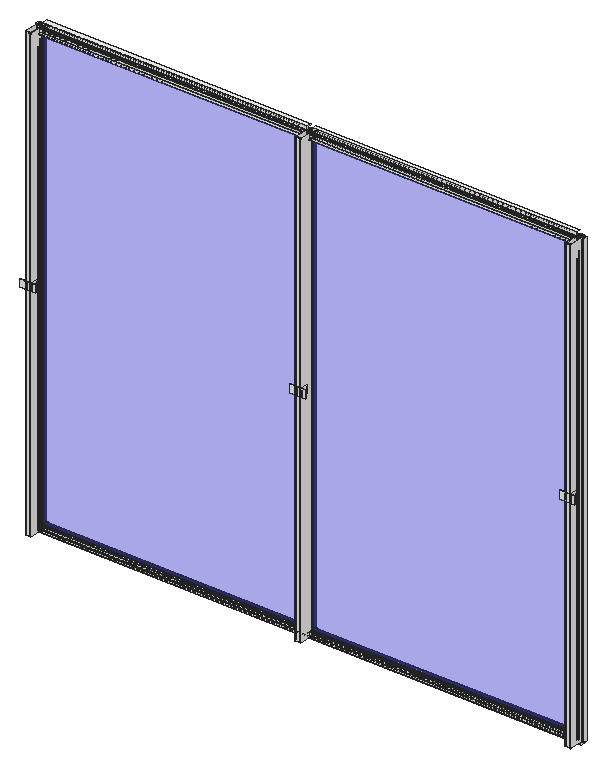
Revit family "Facade_60_Curtain_Wall_I21_Standard", category Windows, host Wall, Revit 2014 (continued)
Definition of nested family "F60 Vertical Profile Middle_I21_Std"
  Forms (mm)
    Extrusion 1, solid, material <- "Profile Material"
      sketch origin (0, 0, 0) x (1, 0, 0) y (0, 1, 0)
        loop
          line (9.45, 4.55) -> (9.45, 5.4) -> (7.9, 5.4) -> (7.9, 7) -> (24.449, 7)
          arc (24.449, 7) -> (25.015, 6.766) -> (25.249, 6.2) r 0.8
          line (25.249, 6.2) -> (25.249, -8.7)
      from 0 to 250 <- "Length"
    Extrusion 2, solid, material <- "Thermal Break Material"
      sketch origin (0, 0, 0) x (1, 0, 0) y (0, 1, 0)
        loop
          line (1.75, 9.8) -> (1.75, 5.2) -> (0, 5.2) -> (0, 3.9) -> (6.35, 3.9) -> (6.35, 7.856)
          arc (6.35, 7.856) -> (6.526, 8.281) -> (6.95, 8.456) r 0.6
          line (6.95, 8.456) -> (30, 8.456) -> (53.05, 8.456)
          arc (53.05, 8.456) -> (53.474, 8.281) -> (53.65, 7.856) r 0.6
          line (53.65, 7.856) -> (53.65, 3.9) -> (60, 3.9) -> (60, 5.2) -> (58.25, 5.2) -> (58.25, 9.8) -> (30, 9.8) -> (1.75, 9.8)
      from 0 to 250 <- "Length"
    Extrusion 3, solid, material <- "Thermal Break Material", visible <- "Single Glazing"
      sketch origin (0, 0, 0) x (1, 0, 0) y (0, 1, 0)
        loop
          line (25.749, -14.011) -> (27.672, -14.011) -> (28.481, -12.611) -> (31.518, -12.611) -> (32.327, -14.011) -> (34.249, -14.011)
          arc (34.249, -14.011) -> (34.603, -13.864) -> (34.749, -13.511) r 0.5
          line (34.749, -13.511) -> (34.749, -10.011)
          arc (34.749, -10.011) -> (34.603, -9.657) -> (34.249, -9.511) r 0.5
          line (34.249, -9.511) -> (32.352, -9.511) -> (32.352, 0.19) -> (31.349, 2.261)
          arc (31.349, 2.261) -> (29.999, 2.986) -> (28.649, 2.261) r 1.62
          line (28.649, 2.261) -> (27.647, 0.19) -> (27.647, -9.511) -> (25.749, -9.511)
          arc (25.749, -9.511) -> (25.396, -9.657) -> (25.249, -10.011) r 0.5
          line (25.249, -10.011) -> (25.249, -13.511)
          arc (25.249, -13.511) -> (25.396, -13.864) -> (25.749, -14.011) r 0.5
        loop
          line (28.504, -10.005) -> (28.504, -10.861)
          arc (28.504, -10.861) -> (28.651, -11.214) -> (29.004, -11.361) r 0.5
          line (29.004, -11.361) -> (30.994, -11.361)
          arc (30.994, -11.361) -> (31.348, -11.214) -> (31.494, -10.861) r 0.5
          line (31.494, -10.861) -> (31.494, -10.005) -> (30.708, -9.219)
          arc (30.708, -9.219) -> (30.383, -9.001) -> (29.999, -8.924) r 1.007
          arc (29.999, -8.924) -> (29.616, -8.999) -> (29.292, -9.217) r 0.986
          line (29.292, -9.217) -> (28.504, -10.005)
        loop
          arc (30.896, 1.935) -> (29.887, 2.44) -> (29.005, 1.735) r 1.047
          line (29.005, 1.735) -> (28.347, 0.374) -> (28.347, -6.993)
          arc (28.347, -6.993) -> (28.583, -7.417) -> (29.068, -7.441) r 0.5
          arc (29.068, -7.441) -> (29.999, -7.223) -> (30.93, -7.441) r 2.099
          arc (30.93, -7.441) -> (31.416, -7.417) -> (31.652, -6.993) r 0.5
          line (31.652, -6.993) -> (31.652, 0.374) -> (30.896, 1.935)
      from 0 to 250 <- "Length"
    Extrusion 4, solid, material <- "Profile Material", visible <- "Single Glazing"
      sketch origin (0, 0, 0) x (1, 0, 0) y (0, 1, 0)
        loop
          line (52.693, -14.011) -> (32.327, -14.011) -> (31.519, -12.611) -> (28.481, -12.611) -> (27.673, -14.011) -> (7.307, -14.011) -> (7.307, -15.011) -> (8.457, -15.011) -> (8.457, -16.261) -> (2.957, -16.261) -> (2.957, -15.011) -> (4.107, -15.011) -> (4.107, -14.011) -> (1.707, -14.011)
          arc (1.707, -14.011) -> (1.199, -14.293) -> (1.168, -14.873) r 0.6
          line (1.168, -14.873) -> (2.093, -16.772) -> (1.015, -17.298) -> (1.484, -18.261) -> (11.488, -18.261)
          arc (11.488, -18.261) -> (11.913, -18.085) -> (12.088, -17.661) r 0.6
          line (12.088, -17.661) -> (12.088, -16.811) -> (47.912, -16.811) -> (47.912, -17.661)
          arc (47.912, -17.661) -> (48.088, -18.085) -> (48.512, -18.261) r 0.6
          line (48.512, -18.261) -> (58.518, -18.261) -> (58.987, -17.298) -> (57.908, -16.772) -> (58.834, -14.874)
          arc (58.834, -14.874) -> (58.802, -14.293) -> (58.293, -14.011) r 0.6
          line (58.293, -14.011) -> (55.893, -14.011) -> (55.893, -15.011) -> (57.043, -15.011) -> (57.043, -16.261) -> (51.543, -16.261) -> (51.543, -15.011) -> (52.693, -15.011) -> (52.693, -14.011)
      from 0 to 250 <- "Length"
    Extrusion 5, solid, material <- "Profile Material", visible <- "Single Glazing"
      sketch origin (0, 0, 0) x (1, 0, 0) y (0, 1, 0)
        loop
          line (2.801, -18.261) -> (1.484, -18.261) -> (1.015, -17.298) -> (2.093, -16.772) -> (0.779, -14.076)
          arc (0.779, -14.076) -> (0.239, -14.21) -> (0.001, -14.713) r 0.65
          line (0.001, -14.713) -> (0.001, -28.068)
          arc (0.001, -28.068) -> (1.172, -30.897) -> (4.001, -32.068) r 4
          line (4.001, -32.068) -> (30.001, -32.068) -> (56.001, -32.068)
          arc (56.001, -32.068) -> (58.829, -30.897) -> (60.001, -28.068) r 4
          line (60.001, -28.068) -> (60.001, -14.713)
          arc (60.001, -14.713) -> (59.763, -14.21) -> (59.223, -14.076) r 0.65
          line (59.223, -14.076) -> (57.908, -16.772) -> (58.987, -17.298) -> (58.518, -18.261) -> (57.201, -18.261)
          arc (57.201, -18.261) -> (56.83, -18.425) -> (56.703, -18.811) r 0.5
          arc (56.703, -18.811) -> (56.83, -19.196) -> (57.201, -19.361) r 0.5
          line (57.201, -19.361) -> (58.951, -19.361) -> (58.951, -27.968)
          arc (58.951, -27.968) -> (58.131, -29.948) -> (56.151, -30.768) r 2.8
          line (56.151, -30.768) -> (30.001, -30.768) -> (3.851, -30.768)
          arc (3.851, -30.768) -> (1.871, -29.948) -> (1.051, -27.968) r 2.8
          line (1.051, -27.968) -> (1.051, -19.361) -> (2.801, -19.361)
          arc (2.801, -19.361) -> (3.172, -19.196) -> (3.298, -18.811) r 0.5
          arc (3.298, -18.811) -> (3.172, -18.425) -> (2.801, -18.261) r 0.5
      from 0 to 250 <- "Length"
    Extrusion 6, solid, material <- "Profile Material", visible <- "100mm Mullion"
      sketch origin (0, 0, 0) x (1, 0, 0) y (0, 1, 0)
        loop
          line (14.02, 13) -> (45.98, 13)
          arc (45.98, 13) -> (46.539, 12.842) -> (46.917, 12.4) r 1
          arc (46.917, 12.4) -> (47.285, 11.963) -> (47.833, 11.8) r 1
          line (47.833, 11.8) -> (58.15, 11.8) -> (58.15, 96.3) -> (47.833, 96.3)
          arc (47.833, 96.3) -> (47.285, 96.137) -> (46.917, 95.7) r 1
          arc (46.917, 95.7) -> (46.548, 95.263) -> (46, 95.1) r 1
          line (46, 95.1) -> (14, 95.1)
          arc (14, 95.1) -> (13.452, 95.263) -> (13.083, 95.7) r 1
          arc (13.083, 95.7) -> (12.715, 96.137) -> (12.167, 96.3) r 1
          line (12.167, 96.3) -> (1.85, 96.3) -> (1.85, 11.8) -> (12.167, 11.8)
          arc (12.167, 11.8) -> (12.715, 11.963) -> (13.083, 12.4) r 1
          arc (13.083, 12.4) -> (13.461, 12.842) -> (14.02, 13) r 1
        loop
          line (1.65, 9.856) -> (58.35, 9.856) -> (58.35, 5.2) -> (60, 5.2) -> (60, 98.8)
          arc (60, 98.8) -> (59.707, 99.507) -> (59, 99.8) r 1
          line (59, 99.8) -> (1, 99.8)
          arc (1, 99.8) -> (0.293, 99.507) -> (0, 98.8) r 1
          line (0, 98.8) -> (0, 5.2) -> (1.65, 5.2) -> (1.65, 9.856)
      from 0 to 250 <- "Length"
    Extrusion 7, solid, material <- "Profile Material", visible <- "160mm Mullion"
      sketch origin (0, 0, 0) x (1, 0, 0) y (0, 1, 0)
        loop
          arc (2.35, 15.6) -> (2.526, 15.176) -> (2.95, 15) r 0.6
          line (2.95, 15) -> (57.05, 15)
          arc (57.05, 15) -> (57.474, 15.176) -> (57.65, 15.6) r 0.6
          line (57.65, 15.6) -> (57.65, 153.7)
          arc (57.65, 153.7) -> (57.474, 154.124) -> (57.05, 154.3) r 0.6
          line (57.05, 154.3) -> (47.833, 154.3)
          arc (47.833, 154.3) -> (47.285, 154.137) -> (46.917, 153.7) r 1
          arc (46.917, 153.7) -> (46.548, 153.263) -> (46, 153.1) r 1
          line (46, 153.1) -> (14, 153.1)
          arc (14, 153.1) -> (13.452, 153.263) -> (13.083, 153.7) r 1
          arc (13.083, 153.7) -> (12.715, 154.137) -> (12.167, 154.3) r 1
          line (12.167, 154.3) -> (2.95, 154.3)
          arc (2.95, 154.3) -> (2.526, 154.124) -> (2.35, 153.7) r 0.6
          line (2.35, 153.7) -> (2.35, 15.6)
        loop
          arc (1, 159.8) -> (0.293, 159.507) -> (0, 158.8) r 1
          line (0, 158.8) -> (0, 5.2) -> (1.65, 5.2) -> (1.65, 10.013) -> (58.35, 10.013) -> (58.35, 5.2) -> (60, 5.2) -> (60, 158.8)
          arc (60, 158.8) -> (59.707, 159.507) -> (59, 159.8) r 1
          line (59, 159.8) -> (1, 159.8)
      from 0 to 250 <- "Length"
    Extrusion 8, solid, material <- "Profile Material", visible <- "190mm Mullion"
      sketch origin (0, 0, 0) x (1, 0, 0) y (0, 1, 0)
        loop
          line (57.25, 15.1) -> (57.25, 178.3)
          arc (57.25, 178.3) -> (56.957, 179.007) -> (56.25, 179.3) r 1
          line (56.25, 179.3) -> (3.75, 179.3)
          arc (3.75, 179.3) -> (3.043, 179.007) -> (2.75, 178.3) r 1
          line (2.75, 178.3) -> (2.75, 15.1)
          arc (2.75, 15.1) -> (2.984, 14.534) -> (3.55, 14.3) r 0.8
          line (3.55, 14.3) -> (56.45, 14.3)
          arc (56.45, 14.3) -> (57.016, 14.534) -> (57.25, 15.1) r 0.8
        loop
          line (60, 5.2) -> (60, 188.8)
          arc (60, 188.8) -> (59.707, 189.507) -> (59, 189.8) r 1
          line (59, 189.8) -> (1, 189.8)
          arc (1, 189.8) -> (0.293, 189.507) -> (0, 188.8) r 1
          line (0, 188.8) -> (0, 5.2) -> (1.65, 5.2) -> (1.65, 9.856) -> (58.35, 9.856) -> (58.35, 5.2) -> (60, 5.2)
      from 0 to 250 <- "Length"
    Extrusion 9, solid, material <- "Thermal Break Material", visible <- "Double Glazing"
      sketch origin (0, 0, 0) x (1, 0, 0) y (0, 1, 0)
        loop
          line (27.672, -28) -> (28.48, -26.6) -> (31.518, -26.6) -> (32.326, -28) -> (34.249, -28)
          arc (34.249, -28) -> (34.603, -27.854) -> (34.749, -27.5) r 0.5
          line (34.749, -27.5) -> (34.749, -10)
          arc (34.749, -10) -> (34.603, -9.646) -> (34.249, -9.5) r 0.5
          line (34.249, -9.5) -> (32.352, -9.5) -> (32.352, 0.198) -> (31.348, 2.272)
          arc (31.348, 2.272) -> (29.998, 2.997) -> (28.648, 2.272) r 1.62
          line (28.648, 2.272) -> (27.645, 0.201) -> (27.645, -9.5) -> (25.749, -9.5)
          arc (25.749, -9.5) -> (25.396, -9.646) -> (25.249, -10) r 0.5
          line (25.249, -10) -> (25.249, -27.5)
          arc (25.249, -27.5) -> (25.396, -27.854) -> (25.749, -28) r 0.5
          line (25.749, -28) -> (27.672, -28)
        loop
          arc (30.706, -9.206) -> (30.382, -8.99) -> (29.999, -8.913) r 1.007
          arc (29.999, -8.913) -> (29.616, -8.988) -> (29.292, -9.206) r 0.986
          line (29.292, -9.206) -> (27.142, -11.356)
          arc (27.142, -11.356) -> (26.926, -11.68) -> (26.849, -12.063) r 1
          line (26.849, -12.063) -> (26.849, -24)
          arc (26.849, -24) -> (27.142, -24.707) -> (27.849, -25) r 1
          line (27.849, -25) -> (32.149, -25)
          arc (32.149, -25) -> (32.856, -24.707) -> (33.149, -24) r 1
          line (33.149, -24) -> (33.149, -12.063)
          arc (33.149, -12.063) -> (33.073, -11.68) -> (32.856, -11.356) r 1
          line (32.856, -11.356) -> (30.706, -9.206)
        loop
          arc (28.345, -6.982) -> (28.581, -7.407) -> (29.067, -7.43) r 0.5
          arc (29.067, -7.43) -> (29.998, -7.213) -> (30.929, -7.43) r 2.099
          arc (30.929, -7.43) -> (31.414, -7.407) -> (31.651, -6.982) r 0.5
          line (31.651, -6.982) -> (31.651, 0.385) -> (30.895, 1.946)
          arc (30.895, 1.946) -> (29.885, 2.45) -> (29.004, 1.745) r 1.047
          line (29.004, 1.745) -> (28.345, 0.385) -> (28.345, -6.982)
      from 0 to 250 <- "Length"
    Extrusion 10, solid, material <- "Profile Material", visible <- "Double Glazing"
      sketch origin (0, 0, 0) x (1, 0, 0) y (0, 1, 0)
        loop
          line (52.692, -28) -> (32.327, -28) -> (31.518, -26.6) -> (28.48, -26.6) -> (27.672, -28) -> (7.306, -28) -> (7.306, -29) -> (8.456, -29) -> (8.456, -30.25) -> (2.956, -30.25) -> (2.956, -29) -> (4.106, -29) -> (4.106, -28) -> (1.706, -28)
          arc (1.706, -28) -> (1.198, -28.282) -> (1.167, -28.863) r 0.6
          line (1.167, -28.863) -> (2.093, -30.762) -> (1.014, -31.288) -> (1.483, -32.25) -> (11.488, -32.25)
          arc (11.488, -32.25) -> (11.912, -32.074) -> (12.088, -31.65) r 0.6
          line (12.088, -31.65) -> (12.088, -30.8) -> (47.911, -30.8) -> (47.911, -31.65)
          arc (47.911, -31.65) -> (48.087, -32.074) -> (48.511, -32.25) r 0.6
          line (48.511, -32.25) -> (58.517, -32.25) -> (58.986, -31.288) -> (57.907, -30.762) -> (58.833, -28.864)
          arc (58.833, -28.864) -> (58.801, -28.282) -> (58.292, -28) r 0.6
          line (58.292, -28) -> (55.892, -28) -> (55.892, -29) -> (57.042, -29) -> (57.042, -30.25) -> (51.542, -30.25) -> (51.542, -29) -> (52.692, -29) -> (52.692, -28)
      from 0 to 250 <- "Length"
    Extrusion 11, solid, material <- "Profile Material", visible <- "Double Glazing"
      sketch origin (0, 0, 0) x (1, 0, 0) y (0, 1, 0)
        loop
          line (2.8, -32.25) -> (1.483, -32.25) -> (1.014, -31.288) -> (2.093, -30.762) -> (0.778, -28.065)
          arc (0.778, -28.065) -> (0.238, -28.2) -> (0, -28.702) r 0.65
          line (0, -28.702) -> (0, -42.058)
          arc (0, -42.058) -> (1.172, -44.886) -> (4, -46.058) r 4
          line (4, -46.058) -> (30, -46.058) -> (56, -46.058)
          arc (56, -46.058) -> (58.828, -44.886) -> (60, -42.058) r 4
          line (60, -42.058) -> (60, -28.702)
          arc (60, -28.702) -> (59.762, -28.2) -> (59.222, -28.065) r 0.65
          line (59.222, -28.065) -> (57.907, -30.762) -> (58.986, -31.288) -> (58.517, -32.25) -> (57.2, -32.25)
          arc (57.2, -32.25) -> (56.829, -32.415) -> (56.703, -32.8) r 0.5
          arc (56.703, -32.8) -> (56.829, -33.185) -> (57.2, -33.35) r 0.5
          line (57.2, -33.35) -> (58.95, -33.35) -> (58.95, -41.958)
          arc (58.95, -41.958) -> (58.13, -43.938) -> (56.15, -44.758) r 2.8
          line (56.15, -44.758) -> (30, -44.758) -> (3.85, -44.758)
          arc (3.85, -44.758) -> (1.87, -43.938) -> (1.05, -41.958) r 2.8
          line (1.05, -41.958) -> (1.05, -33.35) -> (2.8, -33.35)
          arc (2.8, -33.35) -> (3.171, -33.185) -> (3.297, -32.8) r 0.5
          arc (3.297, -32.8) -> (3.171, -32.415) -> (2.8, -32.25) r 0.5
      from 0 to 250 <- "Length"
    Extrusion 12, solid, material <- "Profile Material", visible <- "Double Glazing"
      sketch origin (0, 0, 0) x (1, 0, 0) y (0, 1, 0)
        loop
          line (12, -7.775) -> (0, -7.775) -> (0, -25.775) -> (12, -25.775) -> (12, -7.775)
        loop
          line (10.8, -8.975) -> (1.2, -8.975) -> (1.2, -24.575) -> (10.8, -24.575) -> (10.8, -8.975)
      from 0 to 250 <- "Length"
  Lines and regions (mm)
    model lines, style "GenericModelHiddenLines", visible <- "Half 100mm Expansion Break"
      curve 1: line (60, 5.2, 125) -> (60, 95.2, 125)
      curve 2: line (60, 99.8, 125) -> (0, 99.8, 125)
      curve 8: line (0, 5.2, 125) -> (0, 95.2, 125)
    model lines, style "GenericModelHiddenLines", visible <- "Quarter 100mm Expansion Break"
      curve 3: line (60, 5.2, 187.5) -> (60, 95.2, 187.5)
      curve 4: line (60, 5.2, 62.5) -> (60, 95.2, 62.5)
      curve 5: line (60, 99.8, 62.5) -> (0, 99.8, 62.5)
      curve 6: line (60, 99.8, 187.5) -> (0, 99.8, 187.5)
      curve 7: line (0, 5.2, 187.5) -> (0, 95.2, 187.5)
      curve 9: line (0, 5.2, 62.5) -> (0, 95.2, 62.5)
    model lines, style "GenericModelHiddenLines", visible <- "Half SG Expansion Break"
      curve 10: line (4.107, -32.068, 125) -> (55.893, -32.068, 125)
      curve 14: line (60.001, -14.011, 125) -> (60.001, -32.068, 125)
    model lines, style "GenericModelHiddenLines", visible <- "Quarter SG Expansion Break"
      curve 11: line (4.107, -32.068, 187.5) -> (56.703, -32.068, 187.5)
      curve 12: line (4.107, -32.068, 62.5) -> (56.703, -32.068, 62.5)
      curve 13: line (60.001, -14.011, 187.5) -> (60.001, -32.068, 187.5)
      curve 15: line (60.001, -14.011, 62.5) -> (60.001, -32.068, 62.5)
    model lines, style "GenericModelHiddenLines", visible <- "Quarter 160mm Expansion Break"
      curve 16: line (0, 5.2, 187.5) -> (0, 155.2, 187.5)
      curve 18: line (0, 5.2, 62.5) -> (0, 155.2, 62.5)
      curve 19: line (0, 159.8, 187.5) -> (60, 159.8, 187.5)
      curve 21: line (0, 159.8, 62.5) -> (60, 159.8, 62.5)
      curve 22: line (60, 5.2, 187.5) -> (60, 155.2, 187.5)
      curve 24: line (60, 5.2, 62.5) -> (60, 155.2, 62.5)
    model lines, style "GenericModelHiddenLines", visible <- "Half 160mm Expansion Break"
      curve 17: line (0, 5.2, 125) -> (0, 155.2, 125)
      curve 20: line (0, 159.8, 125) -> (60, 159.8, 125)
      curve 23: line (60, 5.2, 125) -> (60, 155.2, 125)
    model lines, style "GenericModelHiddenLines", visible <- "Quarter 190mm Expansion Break"
      curve 25: line (0, 5.2, 187.5) -> (0, 185.2, 187.5)
      curve 27: line (0, 5.2, 62.5) -> (0, 185.2, 62.5)
      curve 28: line (0.779, 189.8, 187.5) -> (59.222, 189.8, 187.5)
      curve 30: line (0.779, 189.8, 62.5) -> (59.222, 189.8, 62.5)
      curve 31: line (60, 5.2, 187.5) -> (60, 185.2, 187.5)
      curve 33: line (60, 5.2, 62.5) -> (60, 185.2, 62.5)
    model lines, style "GenericModelHiddenLines", visible <- "Half 190mm Expansion Joint"
      curve 26: line (0, 5.2, 125) -> (0, 185.2, 125)
      curve 29: line (0.779, 189.8, 125) -> (59.222, 189.8, 125)
      curve 32: line (60, 5.2, 125) -> (60, 185.2, 125)
    model lines, style "GenericModelHiddenLines", visible <- "Quarter DG Expansion Break"
      curve 34: line (60, -28.065, 187.5) -> (60, -46.074, 187.5)
      curve 36: line (60, -28.065, 62.5) -> (60, -46.027, 62.5)
      curve 37: line (59.222, -46.058, 187.5) -> (0.779, -46.058, 187.5)
      curve 39: line (59.222, -46.058, 62.5) -> (0.779, -46.058, 62.5)
    model lines, style "GenericModelHiddenLines", visible <- "Half DG Expansion Break"
      curve 35: line (60, -28.065, 125) -> (60, -46.074, 125)
      curve 38: line (59.222, -46.058, 125) -> (0.779, -46.058, 125)
  Dimensions and locks
    "Half Length": curve 1 to level
    "Half Length": level to curve 2
    "Quarter Length": curve 4 to level
    "Quarter Length": Extrusion 8 to curve 3
    "Quarter Length": level to curve 5
    "Quarter Length": curve 6 to Extrusion 6
    "Quarter Length": curve 9 to level
    "Half Length": curve 8 to level
    "Quarter Length": Extrusion 8 to curve 7
    "Quarter Length": curve 12 to level
    "Half Length": curve 10 to level
    "Quarter Length": Extrusion 5 to curve 11
    "Quarter Length": curve 15 to level
    "Half Length": curve 14 to level
    "Quarter Length": Extrusion 5 to curve 13
    "Quarter Length": Extrusion 7 to curve 18
    "Half Length": Extrusion 7 to curve 17
    "Quarter Length": Extrusion 7 to curve 16
    "Quarter Length": Extrusion 7 to curve 21
    "Quarter Length": curve 19 to Extrusion 7
    "Half Length": Extrusion 7 to curve 20
    "Quarter Length": Extrusion 7 to curve 24
    "Quarter Length": Extrusion 7 to curve 22
    "Half Length": Extrusion 7 to curve 23
    "Quarter Length": Extrusion 8 to curve 27
    "Quarter Length": Extrusion 8 to curve 25
    "Half Length": Extrusion 8 to curve 26
    "Quarter Length": Extrusion 8 to curve 30
    "Quarter Length": curve 28 to Extrusion 8
    "Half Length": Extrusion 8 to curve 29
    "Quarter Length": Extrusion 8 to curve 33
    "Quarter Length": Extrusion 8 to curve 31
    "Half Length": Extrusion 8 to curve 32
    "Quarter Length": Extrusion 11 to curve 36
    "Quarter Length": Extrusion 11 to curve 34
    "Half Length": Extrusion 11 to curve 35
    "Quarter Length": Extrusion 11 to curve 37
    "Quarter Length": curve 39 to Extrusion 11
    "Half Length": curve 38 to Extrusion 11
    aligned and locked: level to plane 2
  Automatic sketch dimensions
    Extrusion 1 sketch curve to plane 3 "Center (Left/Right)" = 0 mm
    plane 1 "Center (Front/Back)" to Extrusion 1 sketch curve = 0 mm  (x4)
    plane 3 "Center (Left/Right)" to Extrusion 1 sketch curve = 0.5 mm
    Extrusion 1 sketch curve to Extrusion 1 sketch curve = 0.7 mm  (x2)
    Extrusion 1 sketch curve to Extrusion 1 sketch curve = 1.15 mm  (x4)
    Extrusion 1 sketch curve to Extrusion 1 sketch curve = 3.2 mm  (x2)
    Extrusion 1 sketch curve to Extrusion 1 sketch curve = 0.9 mm
    Extrusion 1 sketch curve to Extrusion 1 sketch curve = 0.25 mm
    Extrusion 1 sketch curve to Extrusion 1 sketch curve = 0.8 mm  (x7)
    Extrusion 1 sketch curve to Extrusion 1 sketch curve = 1.45 mm  (x2)
    Extrusion 1 sketch curve to Extrusion 1 sketch curve = 0.65 mm  (x3)
    Extrusion 1 sketch curve to Extrusion 1 sketch curve = 0.95 mm  (x3)
    Extrusion 1 sketch curve to Extrusion 1 sketch curve = 0.6 mm  (x3)
    Extrusion 1 sketch curve to plane 1 "Center (Front/Back)" = 7 mm
    Extrusion 1 sketch curve to Extrusion 1 sketch curve = 14.999 mm  (x2)
    plane 1 "Center (Front/Back)" to Extrusion 1 sketch curve = 8.7 mm
    Extrusion 1 sketch curve to Extrusion 1 sketch curve = 1.85 mm
    Extrusion 1 sketch curve to Extrusion 1 sketch curve = 2.9 mm
    Extrusion 1 sketch curve to Extrusion 1 sketch curve = 5.802 mm
    Extrusion 1 sketch curve to Extrusion 1 sketch curve = 1.049 mm
    Extrusion 1 sketch curve to plane 1 "Center (Front/Back)" = 4.55 mm
    Extrusion 1 sketch curve to plane 1 "Center (Front/Back)" = 0.5 mm  (x3)
    Extrusion 1 sketch curve to Extrusion 1 sketch curve = 1.2 mm
    Extrusion 1 sketch curve to plane 1 "Center (Front/Back)" = 1.15 mm  (x2)
    Extrusion 1 sketch curve to Extrusion 1 sketch curve = 0 mm
    Extrusion 1 sketch curve to Extrusion 1 sketch curve = 1.3 mm  (x2)
    Extrusion 1 sketch curve to Extrusion 1 sketch curve = 0.05 mm  (x2)
    Extrusion 1 sketch curve to Extrusion 1 sketch curve = 0.85 mm  (x2)
    Extrusion 1 sketch curve to plane 1 "Center (Front/Back)" = 6.2 mm
    Extrusion 2 sketch curve to plane 3 "Center (Left/Right)" = 0 mm
    plane 3 "Center (Left/Right)" to Extrusion 2 sketch curve = 1.75 mm
    Extrusion 2 sketch curve to Extrusion 2 sketch curve = 4.6 mm  (x4)
    Extrusion 2 sketch curve to Extrusion 2 sketch curve = 0.6 mm  (x2)
    Extrusion 2 sketch curve to plane 1 "Center (Front/Back)" = 9.8 mm
    Extrusion 2 sketch curve to Extrusion 2 sketch curve = 23.05 mm  (x2)
    Extrusion 2 sketch curve to Extrusion 2 sketch curve = 0 mm
    Extrusion 2 sketch curve to plane 1 "Center (Front/Back)" = 8.456 mm
    Extrusion 2 sketch curve to Extrusion 2 sketch curve = 1.75 mm
    Extrusion 2 sketch curve to plane 1 "Center (Front/Back)" = 3.9 mm  (x2)
    plane 3 "Center (Left/Right)" to Extrusion 3 sketch curve = 25.249 mm
    Extrusion 3 sketch curve to Extrusion 3 sketch curve = 0.5 mm  (x6)
    Extrusion 3 sketch curve to plane 1 "Center (Front/Back)" = 0.19 mm  (x2)
    Extrusion 3 sketch curve to Extrusion 3 sketch curve = 1.897 mm  (x2)
    Extrusion 3 sketch curve to Extrusion 3 sketch curve = 1.922 mm  (x2)
    Extrusion 3 sketch curve to plane 1 "Center (Front/Back)" = 0.374 mm  (x2)
    Extrusion 3 sketch curve to Extrusion 3 sketch curve = 0.7 mm  (x2)
    plane 1 "Center (Front/Back)" to Extrusion 3 sketch curve = 12.611 mm
    Extrusion 3 sketch curve to Extrusion 3 sketch curve = 0.809 mm
    Extrusion 3 sketch curve to Extrusion 3 sketch curve = 0.858 mm
    Extrusion 3 sketch curve to plane 1 "Center (Front/Back)" = 2.261 mm  (x2)
    Extrusion 3 sketch curve to Extrusion 3 sketch curve = 0.303 mm
    Extrusion 3 sketch curve to plane 1 "Center (Front/Back)" = 1.735 mm
    Extrusion 3 sketch curve to Extrusion 3 sketch curve = 0.356 mm
    plane 1 "Center (Front/Back)" to Extrusion 3 sketch curve = 9.217 mm
    Extrusion 3 sketch curve to Extrusion 3 sketch curve = 0.788 mm
    Extrusion 3 sketch curve to Extrusion 3 sketch curve = 0.701 mm
    Extrusion 3 sketch curve to Extrusion 3 sketch curve = 0.003 mm
    Extrusion 3 sketch curve to Extrusion 3 sketch curve = 0.992 mm
    Extrusion 3 sketch curve to Extrusion 3 sketch curve = 0.006 mm
    Extrusion 3 sketch curve to Extrusion 3 sketch curve = 0.002 mm
    plane 1 "Center (Front/Back)" to Extrusion 3 sketch curve = 9.219 mm
    Extrusion 3 sketch curve to Extrusion 3 sketch curve = 0.709 mm
    Extrusion 3 sketch curve to plane 1 "Center (Front/Back)" = 1.935 mm
    Extrusion 3 sketch curve to Extrusion 3 sketch curve = 0.899 mm
    Extrusion 3 sketch curve to Extrusion 3 sketch curve = 0.998 mm
    Extrusion 3 sketch curve to Extrusion 3 sketch curve = 0.444 mm
    Extrusion 3 sketch curve to Extrusion 3 sketch curve = 0.524 mm
    Extrusion 3 sketch curve to Extrusion 3 sketch curve = 0.756 mm
    Extrusion 3 sketch curve to Extrusion 3 sketch curve = 0.808 mm
    Extrusion 3 sketch curve to Extrusion 3 sketch curve = 0.9 mm  (x2)
    Extrusion 3 sketch curve to Extrusion 3 sketch curve = 1.25 mm
    Extrusion 3 sketch curve to Extrusion 3 sketch curve = 0.85 mm  (x2)
    Extrusion 3 sketch curve to Extrusion 3 sketch curve = 0.856 mm  (x2)
    Extrusion 3 sketch curve to Extrusion 3 sketch curve = 0.714 mm
    Extrusion 3 sketch curve to Extrusion 3 sketch curve = 0.02 mm
    Extrusion 3 sketch curve to Extrusion 3 sketch curve = 0.399 mm
    Extrusion 3 sketch curve to Extrusion 3 sketch curve = 2.224 mm
    Extrusion 3 sketch curve to Extrusion 3 sketch curve = 0.448 mm
    Extrusion 3 sketch curve to Extrusion 3 sketch curve = 0.032 mm
    Extrusion 3 sketch curve to Extrusion 3 sketch curve = 0 mm
    plane 3 "Center (Left/Right)" to Extrusion 4 sketch curve = 1.015 mm
    Extrusion 4 sketch curve to Extrusion 4 sketch curve = 0.469 mm
    plane 3 "Center (Left/Right)" to Extrusion 4 sketch curve = 1.707 mm
    Extrusion 4 sketch curve to Extrusion 4 sketch curve = 1.079 mm
    Extrusion 4 sketch curve to Extrusion 4 sketch curve = 0.864 mm
    Extrusion 4 sketch curve to Extrusion 4 sketch curve = 1.15 mm  (x4)
    Extrusion 4 sketch curve to Extrusion 4 sketch curve = 3.2 mm  (x2)
    Extrusion 4 sketch curve to Extrusion 4 sketch curve = 3.031 mm  (x2)
    Extrusion 4 sketch curve to Extrusion 4 sketch curve = 0.6 mm  (x3)
    Extrusion 4 sketch curve to Extrusion 4 sketch curve = 15.584 mm  (x2)
    plane 1 "Center (Front/Back)" to Extrusion 4 sketch curve = 12.611 mm
    Extrusion 4 sketch curve to Extrusion 4 sketch curve = 0.808 mm  (x2)
    Extrusion 4 sketch curve to Extrusion 4 sketch curve = 3.038 mm
    plane 1 "Center (Front/Back)" to Extrusion 4 sketch curve = 14.011 mm
    plane 1 "Center (Front/Back)" to Extrusion 4 sketch curve = 16.772 mm
    Extrusion 4 sketch curve to Extrusion 4 sketch curve = 0.865 mm
    Extrusion 4 sketch curve to Extrusion 4 sketch curve = 1.25 mm  (x4)
    plane 1 "Center (Front/Back)" to Extrusion 4 sketch curve = 18.261 mm
    Extrusion 4 sketch curve to Extrusion 4 sketch curve = 0.61 mm
    plane 1 "Center (Front/Back)" to Extrusion 4 sketch curve = 17.298 mm
    Extrusion 4 sketch curve to Extrusion 4 sketch curve = 5.65 mm
    Extrusion 4 sketch curve to Extrusion 4 sketch curve = 0.962 mm
    Extrusion 4 sketch curve to Extrusion 4 sketch curve = 0.85 mm
    Extrusion 4 sketch curve to Extrusion 4 sketch curve = 0.512 mm  (x2)
    Extrusion 4 sketch curve to Extrusion 4 sketch curve = 1 mm  (x2)
    Extrusion 4 sketch curve to Extrusion 4 sketch curve = 0.4 mm  (x2)
    Extrusion 4 sketch curve to Extrusion 4 sketch curve = 1.4 mm
    Extrusion 4 sketch curve to Extrusion 4 sketch curve = 0.539 mm  (x2)
    Extrusion 4 sketch curve to Extrusion 4 sketch curve = 0 mm
    plane 1 "Center (Front/Back)" to Extrusion 4 sketch curve = 14.874 mm
    plane 3 "Center (Left/Right)" to Extrusion 5 sketch curve = 0.001 mm
    Extrusion 5 sketch curve to Extrusion 5 sketch curve = 0.65 mm  (x2)
    Extrusion 5 sketch curve to Extrusion 5 sketch curve = 0.128 mm  (x2)
    plane 3 "Center (Left/Right)" to Extrusion 5 sketch curve = 1.015 mm
    plane 3 "Center (Left/Right)" to Extrusion 5 sketch curve = 1.051 mm
    Extrusion 5 sketch curve to Extrusion 5 sketch curve = 0.469 mm  (x2)
    Extrusion 5 sketch curve to Extrusion 5 sketch curve = 1.079 mm
    Extrusion 5 sketch curve to Extrusion 5 sketch curve = 1.317 mm  (x2)
    Extrusion 5 sketch curve to Extrusion 5 sketch curve = 0 mm  (x3)
    plane 3 "Center (Left/Right)" to Extrusion 5 sketch curve = 3.851 mm
    Extrusion 5 sketch curve to Extrusion 5 sketch curve = 0.15 mm  (x2)
    Extrusion 5 sketch curve to Extrusion 5 sketch curve = 26 mm  (x2)
    Extrusion 5 sketch curve to Extrusion 5 sketch curve = 1.05 mm
    plane 1 "Center (Front/Back)" to Extrusion 5 sketch curve = 16.772 mm
    Extrusion 5 sketch curve to Extrusion 5 sketch curve = 0.707 mm
    Extrusion 5 sketch curve to Extrusion 5 sketch curve = 0.433 mm
    plane 1 "Center (Front/Back)" to Extrusion 5 sketch curve = 17.298 mm
    plane 1 "Center (Front/Back)" to Extrusion 5 sketch curve = 14.076 mm
    Extrusion 5 sketch curve to Extrusion 5 sketch curve = 0.5 mm  (x2)
    plane 1 "Center (Front/Back)" to Extrusion 5 sketch curve = 18.761 mm
    Extrusion 5 sketch curve to Extrusion 5 sketch curve = 0.1 mm  (x3)
    Extrusion 5 sketch curve to Extrusion 5 sketch curve = 1.1 mm  (x2)
    Extrusion 5 sketch curve to Extrusion 5 sketch curve = 8.608 mm
    Extrusion 5 sketch curve to Extrusion 5 sketch curve = 0.962 mm
    Extrusion 6 sketch curve to plane 3 "Center (Left/Right)" = 0 mm
    plane 3 "Center (Left/Right)" to Extrusion 6 sketch curve = 1 mm
    plane 3 "Center (Left/Right)" to Extrusion 6 sketch curve = 1.65 mm
    plane 3 "Center (Left/Right)" to Extrusion 6 sketch curve = 1.85 mm
    Extrusion 6 sketch curve to Extrusion 6 sketch curve = 10.317 mm  (x3)
    Extrusion 6 sketch curve to Extrusion 6 sketch curve = 1.833 mm  (x4)
    Extrusion 6 sketch curve to Extrusion 6 sketch curve = 0.02 mm  (x2)
    Extrusion 6 sketch curve to plane 1 "Center (Front/Back)" = 13 mm
    Extrusion 6 sketch curve to Extrusion 6 sketch curve = 31.961 mm
    Extrusion 6 sketch curve to Extrusion 6 sketch curve = 32 mm
    Extrusion 6 sketch curve to Extrusion 6 sketch curve = 0.2 mm  (x5)
    Extrusion 6 sketch curve to Extrusion 6 sketch curve = 0.85 mm
    Extrusion 6 sketch curve to Extrusion 6 sketch curve = 1.65 mm
    Extrusion 6 sketch curve to Extrusion 6 sketch curve = 1 mm  (x8)
    Extrusion 6 sketch curve to Extrusion 6 sketch curve = 1.944 mm
    Extrusion 6 sketch curve to Extrusion 6 sketch curve = 4.656 mm  (x2)
    Extrusion 6 sketch curve to Extrusion 6 sketch curve = 82.1 mm
    Extrusion 6 sketch curve to Extrusion 6 sketch curve = 2.5 mm
    Extrusion 7 sketch curve to plane 3 "Center (Left/Right)" = 0 mm
    Extrusion 7 sketch curve to Extrusion 7 sketch curve = 1 mm  (x3)
    plane 3 "Center (Left/Right)" to Extrusion 7 sketch curve = 1.65 mm
    plane 3 "Center (Left/Right)" to Extrusion 7 sketch curve = 2.35 mm
    Extrusion 7 sketch curve to Extrusion 7 sketch curve = 0.6 mm  (x3)
    Extrusion 7 sketch curve to Extrusion 7 sketch curve = 9.217 mm  (x2)
    Extrusion 7 sketch curve to Extrusion 7 sketch curve = 1.833 mm  (x2)
    Extrusion 7 sketch curve to Extrusion 7 sketch curve = 32 mm
    Extrusion 7 sketch curve to plane 1 "Center (Front/Back)" = 15 mm
    Extrusion 7 sketch curve to Extrusion 7 sketch curve = 54.1 mm
    Extrusion 7 sketch curve to Extrusion 7 sketch curve = 1.3 mm
    Extrusion 7 sketch curve to Extrusion 7 sketch curve = 1.95 mm
    Extrusion 7 sketch curve to Extrusion 7 sketch curve = 1.65 mm
    Extrusion 7 sketch curve to Extrusion 7 sketch curve = 4.987 mm
    Extrusion 7 sketch curve to Extrusion 7 sketch curve = 4.813 mm
    Extrusion 7 sketch curve to Extrusion 7 sketch curve = 4.812 mm
    Extrusion 7 sketch curve to Extrusion 7 sketch curve = 137.5 mm
    Extrusion 7 sketch curve to Extrusion 7 sketch curve = 0.2 mm  (x2)
    Extrusion 7 sketch curve to Extrusion 7 sketch curve = 0.4 mm  (x2)
    Extrusion 7 sketch curve to Extrusion 7 sketch curve = 4.5 mm
    Extrusion 8 sketch curve to plane 3 "Center (Left/Right)" = 0 mm
    Extrusion 8 sketch curve to Extrusion 8 sketch curve = 1 mm  (x3)
    plane 3 "Center (Left/Right)" to Extrusion 8 sketch curve = 1.65 mm
    plane 3 "Center (Left/Right)" to Extrusion 8 sketch curve = 2.75 mm
    Extrusion 8 sketch curve to Extrusion 8 sketch curve = 0.8 mm  (x2)
    Extrusion 8 sketch curve to Extrusion 8 sketch curve = 52.5 mm
    Extrusion 8 sketch curve to plane 1 "Center (Front/Back)" = 15.1 mm
    Extrusion 8 sketch curve to Extrusion 8 sketch curve = 52.9 mm
    Extrusion 8 sketch curve to Extrusion 8 sketch curve = 1.9 mm
    Extrusion 8 sketch curve to Extrusion 8 sketch curve = 2.75 mm
    Extrusion 8 sketch curve to Extrusion 8 sketch curve = 4.444 mm
    Extrusion 8 sketch curve to Extrusion 8 sketch curve = 4.656 mm  (x2)
    Extrusion 8 sketch curve to Extrusion 8 sketch curve = 163.2 mm
    Extrusion 8 sketch curve to Extrusion 8 sketch curve = 9.5 mm
    plane 3 "Center (Left/Right)" to Extrusion 9 sketch curve = 25.249 mm
    Extrusion 9 sketch curve to Extrusion 9 sketch curve = 0.5 mm  (x4)
    Extrusion 9 sketch curve to Extrusion 9 sketch curve = 1.1 mm
    plane 1 "Center (Front/Back)" to Extrusion 9 sketch curve = 11.356 mm  (x2)
    Extrusion 9 sketch curve to Extrusion 9 sketch curve = 0.293 mm  (x2)
    Extrusion 9 sketch curve to Extrusion 9 sketch curve = 1.896 mm
    Extrusion 9 sketch curve to Extrusion 9 sketch curve = 1.922 mm
    Extrusion 9 sketch curve to Extrusion 9 sketch curve = 1 mm  (x2)
    Extrusion 9 sketch curve to Extrusion 9 sketch curve = 0.7 mm
    Extrusion 9 sketch curve to Extrusion 9 sketch curve = 0.808 mm
    Extrusion 9 sketch curve to plane 1 "Center (Front/Back)" = 2.272 mm  (x2)
    Extrusion 9 sketch curve to Extrusion 9 sketch curve = 0.303 mm
    Extrusion 9 sketch curve to plane 1 "Center (Front/Back)" = 1.745 mm
    Extrusion 9 sketch curve to Extrusion 9 sketch curve = 0.356 mm
    plane 1 "Center (Front/Back)" to Extrusion 9 sketch curve = 9.206 mm  (x2)
    Extrusion 9 sketch curve to Extrusion 9 sketch curve = 1.647 mm
    Extrusion 9 sketch curve to Extrusion 9 sketch curve = 0.701 mm
    Extrusion 9 sketch curve to Extrusion 9 sketch curve = 0.992 mm
    Extrusion 9 sketch curve to Extrusion 9 sketch curve = 0.003 mm
    Extrusion 9 sketch curve to Extrusion 9 sketch curve = 0.002 mm
    Extrusion 9 sketch curve to Extrusion 9 sketch curve = 0.004 mm
    Extrusion 9 sketch curve to Extrusion 9 sketch curve = 0.708 mm
    Extrusion 9 sketch curve to plane 1 "Center (Front/Back)" = 1.946 mm
    Extrusion 9 sketch curve to Extrusion 9 sketch curve = 0.899 mm
    Extrusion 9 sketch curve to Extrusion 9 sketch curve = 0.444 mm
    Extrusion 9 sketch curve to Extrusion 9 sketch curve = 3.038 mm
    Extrusion 9 sketch curve to plane 1 "Center (Front/Back)" = 0.385 mm  (x2)
    Extrusion 9 sketch curve to Extrusion 9 sketch curve = 0.756 mm
    Extrusion 9 sketch curve to Extrusion 9 sketch curve = 2.153 mm
    Extrusion 9 sketch curve to Extrusion 9 sketch curve = 0.631 mm
    Extrusion 9 sketch curve to Extrusion 9 sketch curve = 0.807 mm
    Extrusion 9 sketch curve to Extrusion 9 sketch curve = 1.646 mm
    Extrusion 9 sketch curve to Extrusion 9 sketch curve = 0.707 mm
    Extrusion 9 sketch curve to Extrusion 9 sketch curve = 1.393 mm
    Extrusion 9 sketch curve to Extrusion 9 sketch curve = 1.923 mm
    Extrusion 9 sketch curve to Extrusion 9 sketch curve = 11.937 mm
    Extrusion 9 sketch curve to Extrusion 9 sketch curve = 1.6 mm
    Extrusion 9 sketch curve to Extrusion 9 sketch curve = 0.9 mm  (x2)
    Extrusion 9 sketch curve to Extrusion 9 sketch curve = 1.356 mm  (x2)
    Extrusion 9 sketch curve to Extrusion 9 sketch curve = 0.714 mm
    Extrusion 9 sketch curve to Extrusion 9 sketch curve = 0.02 mm
    Extrusion 9 sketch curve to Extrusion 9 sketch curve = 0.399 mm
    Extrusion 9 sketch curve to Extrusion 9 sketch curve = 2.224 mm
    Extrusion 9 sketch curve to Extrusion 9 sketch curve = 0.448 mm
    Extrusion 9 sketch curve to plane 1 "Center (Front/Back)" = 0.198 mm
    Extrusion 9 sketch curve to plane 1 "Center (Front/Back)" = 0.201 mm
    Extrusion 9 sketch curve to Extrusion 9 sketch curve = 0.032 mm
    Extrusion 9 sketch curve to Extrusion 9 sketch curve = 0 mm
    plane 3 "Center (Left/Right)" to Extrusion 10 sketch curve = 1.014 mm
    Extrusion 10 sketch curve to Extrusion 10 sketch curve = 0.469 mm  (x2)
    plane 3 "Center (Left/Right)" to Extrusion 10 sketch curve = 1.706 mm
    Extrusion 10 sketch curve to Extrusion 10 sketch curve = 1.079 mm
    Extrusion 10 sketch curve to Extrusion 10 sketch curve = 0.864 mm
    Extrusion 10 sketch curve to Extrusion 10 sketch curve = 1.15 mm  (x4)
    Extrusion 10 sketch curve to Extrusion 10 sketch curve = 3.2 mm  (x2)
    Extrusion 10 sketch curve to Extrusion 10 sketch curve = 3.031 mm  (x2)
    Extrusion 10 sketch curve to Extrusion 10 sketch curve = 0.6 mm  (x3)
    Extrusion 10 sketch curve to Extrusion 10 sketch curve = 15.584 mm  (x2)
    Extrusion 10 sketch curve to Extrusion 10 sketch curve = 0.808 mm  (x2)
    Extrusion 10 sketch curve to Extrusion 10 sketch curve = 3.038 mm
    Extrusion 10 sketch curve to Extrusion 10 sketch curve = 0.865 mm
    Extrusion 10 sketch curve to Extrusion 10 sketch curve = 1.25 mm  (x5)
    Extrusion 10 sketch curve to Extrusion 10 sketch curve = 0.61 mm
    plane 1 "Center (Front/Back)" to Extrusion 10 sketch curve = 31.288 mm
    Extrusion 10 sketch curve to Extrusion 10 sketch curve = 0.362 mm
    plane 1 "Center (Front/Back)" to Extrusion 10 sketch curve = 31.65 mm
    Extrusion 10 sketch curve to Extrusion 10 sketch curve = 0.962 mm
    Extrusion 10 sketch curve to Extrusion 10 sketch curve = 0.85 mm
    Extrusion 10 sketch curve to Extrusion 10 sketch curve = 0.512 mm  (x2)
    Extrusion 10 sketch curve to Extrusion 10 sketch curve = 0.4 mm  (x2)
    Extrusion 10 sketch curve to Extrusion 10 sketch curve = 1 mm
    Extrusion 10 sketch curve to Extrusion 10 sketch curve = 2.8 mm
    Extrusion 10 sketch curve to Extrusion 10 sketch curve = 0 mm  (x2)
    Extrusion 10 sketch curve to Extrusion 10 sketch curve = 1.4 mm
    Extrusion 10 sketch curve to Extrusion 10 sketch curve = 0.539 mm  (x2)
    plane 1 "Center (Front/Back)" to Extrusion 10 sketch curve = 28.864 mm
    Extrusion 11 sketch curve to plane 3 "Center (Left/Right)" = 0 mm
    plane 3 "Center (Left/Right)" to Extrusion 11 sketch curve = 0.65 mm
    Extrusion 11 sketch curve to Extrusion 11 sketch curve = 0.128 mm  (x2)
    plane 3 "Center (Left/Right)" to Extrusion 11 sketch curve = 1.014 mm
    plane 3 "Center (Left/Right)" to Extrusion 11 sketch curve = 1.05 mm
    Extrusion 11 sketch curve to Extrusion 11 sketch curve = 0.469 mm  (x2)
    Extrusion 11 sketch curve to Extrusion 11 sketch curve = 1.079 mm
    Extrusion 11 sketch curve to Extrusion 11 sketch curve = 1.317 mm  (x2)
    Extrusion 11 sketch curve to Extrusion 11 sketch curve = 0 mm  (x3)
    plane 3 "Center (Left/Right)" to Extrusion 11 sketch curve = 3.85 mm
    Extrusion 11 sketch curve to Extrusion 11 sketch curve = 0.15 mm  (x2)
    Extrusion 11 sketch curve to Extrusion 11 sketch curve = 26 mm  (x2)
    Extrusion 11 sketch curve to Extrusion 11 sketch curve = 1.05 mm
    Extrusion 11 sketch curve to Extrusion 11 sketch curve = 0.707 mm
    Extrusion 11 sketch curve to Extrusion 11 sketch curve = 0.433 mm
    plane 1 "Center (Front/Back)" to Extrusion 11 sketch curve = 31.288 mm
    plane 1 "Center (Front/Back)" to Extrusion 11 sketch curve = 28.065 mm
    Extrusion 11 sketch curve to Extrusion 11 sketch curve = 1.314 mm
    Extrusion 11 sketch curve to Extrusion 11 sketch curve = 0.65 mm
    Extrusion 11 sketch curve to Extrusion 11 sketch curve = 0.5 mm  (x2)
    plane 1 "Center (Front/Back)" to Extrusion 11 sketch curve = 32.75 mm
    Extrusion 11 sketch curve to Extrusion 11 sketch curve = 0.1 mm  (x3)
    Extrusion 11 sketch curve to Extrusion 11 sketch curve = 1.1 mm  (x2)
    Extrusion 11 sketch curve to Extrusion 11 sketch curve = 8.608 mm
    Extrusion 11 sketch curve to Extrusion 11 sketch curve = 0.962 mm
    Extrusion 12 sketch curve to plane 3 "Center (Left/Right)" = 0 mm
    plane 3 "Center (Left/Right)" to Extrusion 12 sketch curve = 1.2 mm
    Extrusion 12 sketch curve to Extrusion 12 sketch curve = 9.6 mm
    Extrusion 12 sketch curve to Extrusion 12 sketch curve = 1.2 mm  (x3)
    plane 1 "Center (Front/Back)" to Extrusion 12 sketch curve = 25.775 mm
    plane 1 "Center (Front/Back)" to Extrusion 12 sketch curve = 8.975 mm
    curve 4 to Extrusion 6 = 0 mm
    curve 3 to Extrusion 6 = 0 mm
    curve 1 to Extrusion 6 = 0 mm
    curve 4 to Extrusion 6 = 3.6 mm
    curve 3 to Extrusion 6 = 3.6 mm
    curve 1 to Extrusion 6 = 3.6 mm
    Extrusion 6 to curve 2 = 1 mm
    Extrusion 6 to curve 5 = 1 mm
    Extrusion 6 to curve 6 = 1 mm
    curve 6 to Extrusion 6 = 1 mm
    curve 5 to Extrusion 6 = 1 mm
    curve 2 to Extrusion 6 = 1 mm
    curve 9 to Extrusion 6 = 0 mm
    curve 8 to Extrusion 6 = 0 mm
    curve 7 to Extrusion 6 = 0 mm
    Extrusion 6 to curve 8 = 3.6 mm
    Extrusion 6 to curve 9 = 3.6 mm
    Extrusion 6 to curve 7 = 3.6 mm
    curve 12 to Extrusion 5 = 25.894 mm
    curve 11 to Extrusion 5 = 25.894 mm
    curve 10 to Extrusion 5 = 25.894 mm
    curve 10 to Extrusion 5 = 0.108 mm
    Extrusion 5 to curve 12 = 0.703 mm
    Extrusion 5 to curve 11 = 0.703 mm
    curve 13 to Extrusion 5 = 4 mm
    curve 14 to Extrusion 5 = 4 mm
    curve 15 to Extrusion 5 = 4 mm
    Extrusion 5 to curve 15 = 0.702 mm
    Extrusion 5 to curve 14 = 0.702 mm
    Extrusion 5 to curve 13 = 0.702 mm
    curve 18 to Extrusion 7 = 0 mm
    curve 17 to Extrusion 7 = 0 mm
    curve 16 to Extrusion 7 = 0 mm
    Extrusion 7 to curve 17 = 3.6 mm
    Extrusion 7 to curve 18 = 3.6 mm
    Extrusion 7 to curve 16 = 3.6 mm
    Extrusion 7 to curve 21 = 1 mm  (x2)
    Extrusion 7 to curve 20 = 1 mm  (x2)
    Extrusion 7 to curve 19 = 1 mm  (x2)
    curve 24 to Extrusion 7 = 0 mm
    curve 23 to Extrusion 7 = 0 mm
    curve 22 to Extrusion 7 = 0 mm
    curve 24 to Extrusion 7 = 3.6 mm
    curve 23 to Extrusion 7 = 3.6 mm
    curve 22 to Extrusion 7 = 3.6 mm
    curve 27 to Extrusion 8 = 0 mm
    curve 26 to Extrusion 8 = 0 mm
    curve 25 to Extrusion 8 = 0 mm
    Extrusion 8 to curve 26 = 3.6 mm
    Extrusion 8 to curve 27 = 3.6 mm
    Extrusion 8 to curve 25 = 3.6 mm
    Extrusion 8 to curve 30 = 0.221 mm
    Extrusion 8 to curve 29 = 0.221 mm
    Extrusion 8 to curve 28 = 0.221 mm
    curve 29 to Extrusion 8 = 0.222 mm
    curve 30 to Extrusion 8 = 0.222 mm
    curve 28 to Extrusion 8 = 0.222 mm
    curve 33 to Extrusion 8 = 0 mm
    curve 32 to Extrusion 8 = 0 mm
    curve 31 to Extrusion 8 = 0 mm
    curve 33 to Extrusion 8 = 3.6 mm
    curve 32 to Extrusion 8 = 3.6 mm
    curve 31 to Extrusion 8 = 3.6 mm
    curve 34 to Extrusion 11 = 4.016 mm
    curve 35 to Extrusion 11 = 4.016 mm
    curve 36 to Extrusion 11 = 3.97 mm
    Extrusion 11 to curve 36 = 0.637 mm
    Extrusion 11 to curve 35 = 0.637 mm
    Extrusion 11 to curve 34 = 0.637 mm
    curve 37 to Extrusion 11 = 29.221 mm
    curve 38 to Extrusion 11 = 29.221 mm
    curve 39 to Extrusion 11 = 29.221 mm
    Extrusion 11 to curve 39 = 3.222 mm
    Extrusion 11 to curve 38 = 3.222 mm
    Extrusion 11 to curve 37 = 3.222 mm
Definition of nested family "F60 Intermediate Anchor_I21_Std"
  Parameters (values of type "F60 Intermediate Anchor")
    Profile Material [instance] = none
  Reference planes
    plane 1 "Center (Front/Back)": y = 0
    plane 2: z = 0
    plane 3 "Center (Left/Right)": x = 0
  Forms (mm)
    Extrusion 1, solid, material <- "Profile Material"
      sketch origin (0, 0, 0) x (1, 0, 0) y (0, 1, 0)
        loop
          line (23.715, 89.531) -> (108.716, 89.531) -> (193.716, 89.531) -> (193.716, 92.558)
          arc (193.716, 92.558) -> (192.905, 94.609) -> (190.911, 95.551) r 3
          line (190.911, 95.551) -> (147.753, 95.551)
          arc (147.753, 95.551) -> (146.314, 96.123) -> (145.715, 97.551) r 2
          line (145.715, 97.551) -> (145.715, 166.508)
          arc (145.715, 166.508) -> (144.291, 168.703) -> (141.815, 169.552) r 4.008
          line (141.815, 169.552) -> (140.303, 169.552)
          arc (140.303, 169.552) -> (139.875, 169.378) -> (139.703, 168.95) r 0.588
          line (139.703, 168.95) -> (139.703, 94.268)
          arc (139.703, 94.268) -> (139.579, 93.769) -> (139.115, 93.549) r 0.6
          line (139.115, 93.549) -> (108.715, 93.549) -> (78.422, 93.549)
          arc (78.422, 93.549) -> (77.93, 93.679) -> (77.715, 94.14) r 0.6
          line (77.715, 94.14) -> (77.715, 168.94)
          arc (77.715, 168.94) -> (77.531, 169.368) -> (77.104, 169.54) r 0.588
          line (77.104, 169.54) -> (75.684, 169.54)
          arc (75.684, 169.54) -> (73.185, 168.744) -> (71.713, 166.573) r 4.008
          line (71.713, 166.573) -> (71.713, 97.622)
          arc (71.713, 97.622) -> (71.158, 96.154) -> (69.715, 95.538) r 2
          line (69.715, 95.538) -> (26.715, 95.532)
          arc (26.715, 95.532) -> (24.594, 94.653) -> (23.715, 92.532) r 3
          line (23.715, 92.532) -> (23.715, 89.531)
      from 0 to 85
  Dimensions and locks
    aligned and locked: level to plane 2
Types (24, lengths in mm): name | Windload Design | Width | Overall Width | Overall Height | Mullion Side Gap | Mullion Configuration | Max Pane Area | Sill Length | Length Sill | Intruderprufe U Value | Intruderprufe SHGC Value | Intruderprufe LowE U Value | Intruderprufe LowE SHGC Value | Intruderprufe Insulated U Value | Intruderprufe Insulated SHGC Value | Intruderprufe Insulated LowE U Value | Intruderprufe Insulated LowE SHGC Value | Horizontal Profile Length | Glazing Width | Glazing Gap SG | DG Thickness Calc | SG Thickness | Frame Offset | Custom Curtain Wall Width | Custom Windload | 160mm Mullion | 100mm Mullion
  (no name) | 2000 | 5990 | 5990 | 4990 | 2965 | 2 | 14.3747 m² | 5990 | 5990 | 5.71 | 0.76 | 3.86 | 0.665 | 2.86 | 0.653 | 2.13 | 0.588 | 2905 | 2945.4 | 2 | 10 | 10 | 160 | 5990 | 2000 | yes | no
  F60-I21-1850-1000Pa | 1000 | 1790 | 2000 | 3000 | 865 | 1 | 4.12589 m² | 1790 | 1790 | 5.62 | 0.718 | 4.04 | 0.629 | 3 | 0.618 | 2.33 | 0.557 | 805 | 845.4 | 3 | 6 | 8 | 130 | 1790 | 1000 | no | yes
  F60-I21-1850-1500Pa | 1500 | 1790 | 2000 | 3000 | 865 | 1 | 4.12589 m² | 1790 | 1790 | 5.62 | 0.718 | 4.04 | 0.629 | 3 | 0.618 | 2.33 | 0.557 | 805 | 845.4 | 3 | 6 | 8 | 130 | 1790 | 1500 | no | yes
  F60-I21-1850-2000Pa | 2000 | 1790 | 2000 | 3000 | 865 | 1 | 4.12589 m² | 1790 | 1790 | 5.62 | 0.718 | 4.04 | 0.629 | 3 | 0.618 | 2.33 | 0.557 | 805 | 845.4 | 3 | 6 | 8 | 130 | 1790 | 2000 | no | yes
  F60-I21-2450-1000Pa | 1000 | 2390 | 2000 | 3000 | 1165 | 1 | 5.59001 m² | 2390 | 2390 | 5.64 | 0.726 | 4 | 0.636 | 2.97 | 0.625 | 2.29 | 0.563 | 1105 | 1145.4 | 2 | 8 | 10 | 130 | 2390 | 1000 | no | yes
  F60-I21-2450-1500Pa | 1500 | 2390 | 2000 | 3000 | 1165 | 1 | 5.59001 m² | 2390 | 2390 | 5.64 | 0.726 | 4 | 0.636 | 2.97 | 0.625 | 2.29 | 0.563 | 1105 | 1145.4 | 2 | 8 | 10 | 130 | 2390 | 1500 | no | yes
  F60-I21-2450-2000Pa | 2000 | 2390 | 2000 | 3000 | 1165 | 2 | 5.59001 m² | 2390 | 2390 | 5.64 | 0.726 | 4 | 0.636 | 2.97 | 0.625 | 2.29 | 0.563 | 1105 | 1145.4 | 2 | 8 | 10 | 160 | 2390 | 2000 | yes | no
  F60-I21-3050-1000Pa | 1000 | 2990 | 2000 | 3000 | 1465 | 1 | 7.05413 m² | 2990 | 2990 | 5.66 | 0.738 | 3.96 | 0.646 | 2.93 | 0.634 | 2.24 | 0.571 | 1405 | 1445.4 | 2 | 10 | 10 | 130 | 2990 | 1000 | no | yes
  F60-I21-3050-1500Pa | 1500 | 2990 | 2000 | 3000 | 1465 | 1 | 7.05413 m² | 2990 | 2990 | 5.66 | 0.738 | 3.96 | 0.646 | 2.93 | 0.634 | 2.24 | 0.571 | 1405 | 1445.4 | 2 | 10 | 10 | 130 | 2990 | 1500 | no | yes
  F60-I21-3050-2000Pa | 2000 | 2990 | 2000 | 3000 | 1465 | 2 | 7.05413 m² | 2990 | 2990 | 5.66 | 0.738 | 3.96 | 0.646 | 2.93 | 0.634 | 2.24 | 0.571 | 1405 | 1445.4 | 2 | 10 | 10 | 160 | 2990 | 2000 | yes | no
  F60-I21-3650-1000Pa | 1000 | 3590 | 2000 | 3000 | 1765 | 1 | 8.51825 m² | 3590 | 3590 | 5.68 | 0.745 | 3.92 | 0.652 | 2.91 | 0.64 | 2.2 | 0.577 | 1705 | 1745.4 | 2 | 10 | 10 | 130 | 3590 | 1000 | no | yes
  F60-I21-3650-1500Pa | 1500 | 3590 | 2000 | 3000 | 1765 | 2 | 8.51825 m² | 3590 | 3590 | 5.68 | 0.745 | 3.92 | 0.652 | 2.91 | 0.64 | 2.2 | 0.577 | 1705 | 1745.4 | 2 | 10 | 10 | 160 | 3590 | 1500 | yes | no
  F60-I21-4250-2000Pa | 2000 | 4190 | 2000 | 3000 | 2065 | 2 | 9.98237 m² | 4190 | 4190 | 5.69 | 0.751 | 3.9 | 0.657 | 2.89 | 0.645 | 2.18 | 0.581 | 2005 | 2045.4 | 2 | 10 | 10 | 160 | 4190 | 2000 | yes | no
  F60-I21-4250-1500Pa | 1500 | 4190 | 2000 | 3000 | 2065 | 2 | 9.98237 m² | 4190 | 4190 | 5.69 | 0.751 | 3.9 | 0.657 | 2.89 | 0.645 | 2.18 | 0.581 | 2005 | 2045.4 | 2 | 10 | 10 | 160 | 4190 | 1500 | yes | no
  F60-I21-4250-1000Pa | 1000 | 4190 | 2000 | 3000 | 2065 | 1 | 9.98237 m² | 4190 | 4190 | 5.69 | 0.751 | 3.9 | 0.657 | 2.89 | 0.645 | 2.18 | 0.581 | 2005 | 2045.4 | 2 | 10 | 10 | 130 | 4190 | 1000 | no | yes
  F60-I21-4850-1000Pa | 1000 | 4790 | 2000 | 3000 | 2365 | 1 | 11.4465 m² | 4790 | 4790 | 5.7 | 0.755 | 3.88 | 0.661 | 2.88 | 0.648 | 2.16 | 0.584 | 2305 | 2345.4 | 2 | 10 | 10 | 130 | 4790 | 1000 | no | yes
  F60-I21-4850-1500Pa | 1500 | 4790 | 2000 | 3000 | 2365 | 2 | 11.4465 m² | 4790 | 4790 | 5.7 | 0.755 | 3.88 | 0.661 | 2.88 | 0.648 | 2.16 | 0.584 | 2305 | 2345.4 | 2 | 10 | 10 | 160 | 4790 | 1500 | yes | no
  F60-I21-4850-2000Pa | 2000 | 4790 | 2000 | 3000 | 2365 | 2 | 11.4465 m² | 4790 | 4790 | 5.7 | 0.755 | 3.88 | 0.661 | 2.88 | 0.648 | 2.16 | 0.584 | 2305 | 2345.4 | 2 | 10 | 10 | 160 | 4790 | 2000 | yes | no
  F60-I21-5450-1000Pa | 1000 | 5390 | 2000 | 3000 | 2665 | 1 | 12.9106 m² | 5390 | 5390 | 5.71 | 0.758 | 3.87 | 0.663 | 2.87 | 0.651 | 2.14 | 0.586 | 2605 | 2645.4 | 2 | 10 | 10 | 130 | 5390 | 1000 | no | yes
  F60-I21-5450-1500Pa | 1500 | 5390 | 2000 | 3000 | 2665 | 2 | 12.9106 m² | 5390 | 5390 | 5.71 | 0.758 | 3.87 | 0.663 | 2.87 | 0.651 | 2.14 | 0.586 | 2605 | 2645.4 | 2 | 10 | 10 | 160 | 5390 | 1500 | yes | no
  F60-I21-5450-2000Pa | 2000 | 5390 | 2000 | 3000 | 2665 | 2 | 12.9106 m² | 5390 | 5390 | 5.71 | 0.758 | 3.87 | 0.663 | 2.87 | 0.651 | 2.14 | 0.586 | 2605 | 2645.4 | 2 | 10 | 10 | 160 | 5390 | 2000 | yes | no
  F60-I21-6050-1000Pa | 1000 | 5990 | 2000 | 3000 | 2965 | 1 | 14.3747 m² | 5990 | 5990 | 5.71 | 0.76 | 3.86 | 0.665 | 2.86 | 0.653 | 2.13 | 0.588 | 2905 | 2945.4 | 2 | 10 | 10 | 130 | 5990 | 1000 | no | yes
  F60-I21-6050-1500Pa | 1500 | 5990 | 2000 | 3000 | 2965 | 2 | 14.3747 m² | 5990 | 5990 | 5.71 | 0.76 | 3.86 | 0.665 | 2.86 | 0.653 | 2.13 | 0.588 | 2905 | 2945.4 | 2 | 10 | 10 | 160 | 5990 | 1500 | yes | no
  F60-I21-6050-2000Pa | 2000 | 5990 | 5990 | 4990 | 2965 | 2 | 14.3747 m² | 5990 | 5990 | 5.71 | 0.76 | 3.86 | 0.665 | 2.86 | 0.653 | 2.13 | 0.588 | 2905 | 2945.4 | 2 | 10 | 10 | 160 | 5990 | 2000 | yes | no
